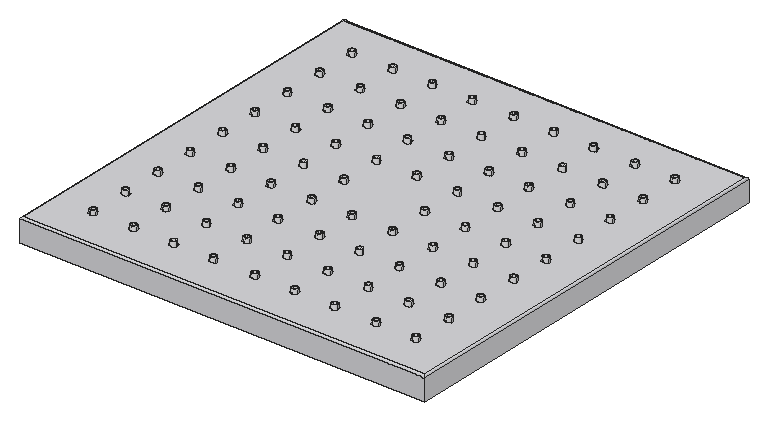
Revit family "Shower-Showerhead-KOHLER-Katalyst_Air-K-18360A", category Plumbing Fixtures, host Face, Revit 2017
Family settings
  Host = Face
  Round Connector Dimension = Use Diameter
  Part Type = Normal
  OmniClass Number = 23.31.17.00
  Cut with Voids When Loaded = No
  Shared = No
  Room Calculation Point = No
Parameters (values of type "CP-Polished Chrome")
  Width = 8"  # constant formula
  WaterSense Certified = 1 = 0  # no
  Waste Water Outlet = "Waste Water Outlet"  # constant formula
  Waste Connection = 1 = 0  # no
  Vent Connection = 1 = 0  # no
  URL = "https://www.kohlerasiapacific.com/"
  Type = 1
  Product Page URL = ""
  Product Name = "Katalyst"  # constant formula
  Product Documentation Link = ""
  Pressure = 45.00 psi  # constant formula
  Panel Thickness = 0"
  Model = if(Type = 1, "K-18360A-CP", if(Type = 2, "K-18360A-2BL", "NA"))  # "K-18360A-CP"
  Material = "Premium Metal Construction"  # constant formula
  Master Format 2014 Name = "Residential Showers"  # constant formula
  Master Format 2014 = "22 42 23"  # constant formula
  Manufacturer Address = "No. 158 Jiang Chang San Road, Zhabei District, Shanghai, China"  # constant formula
  Manufacturer = "KOHLER Co."  # constant formula
  Length = 8"  # constant formula
  Hot Water Inlet = "Tempered Water Inlet"  # constant formula
  Height = 2.59843"  # constant formula
  HW Connection = 1 = 1  # yes
  Flow Rate = 2.5 GPM  # constant formula
  Finish = Kohler-Metal-CP-Polished_Chrome
  Environmental Product Declaration = ""
  Drain Included = 1 = 0  # no
  Description = "8'SQUARE RAINSHOWER HEAD"  # constant formula
  Default Elevation = 0"
  Declare Label = ""
  Date Modified = "09/08/2020"  # constant formula
  Date Created = "09/08/2020"  # constant formula
  Copyright = "Copyright KOHLER Co."  # constant formula
  Contact Us = "https://www.kohlerasiapacific.com/contact-us"
  Cold Water Inlet = "Cold Water Inlet"  # constant formula
  CW Connection = 1 = 0  # no
  Assembly Code = "D2010700"
  ADA Compliant = 1 = 0  # no
Reference planes (in)
  plane 1 "Center (Front/Back)": y = 0
  plane 2: z = 0
  plane 3 "Center (Left/Right)": x = 0
  plane 4: x = -3.99606
  plane 5: x = 4.00394
  plane 6: z = 2.59843
  plane 7: y = 3.99606
  plane 8: y = -4.00394
Dimensions and locks (in)
  "Height": plane 6 to level
  plane 4 to plane 5 = 8"
  plane 7 to plane 8 = 8"
  "Length": plane 7 to plane 8
  "Width": plane 4 to plane 5
  aligned and locked: plane 2 to host face
  aligned and locked: level to host face
  aligned and locked: plane 3 "Center (Left/Right)" to nested 1
  aligned and locked: plane 1 "Center (Front/Back)" to nested 1
  aligned and locked: plane 4 to nested 1
  aligned and locked: plane 6 to nested 1
  aligned and locked: plane 7 to nested 1
Automatic sketch dimensions
  host sketch curve to host sketch curve = 96"  (x2)
Nested families (in)
  nested 1: "K-18360A" at (0, 0, 0), type "K-18360A"
Connectors (in)
  piping at (0, 0, 0), diameter 0.5, driven by "Flow Rate", driven by "Pressure", driven by "HW Connection", driven by "Hot Water Inlet"
    settings: on nested 1, index 1, connector inside diameter 24", connector length 0", flow factor 0, pipe flow 2.5 GPM, pressure drop 45.00 psi, fitting loss kfactor 0, connector angle 0.00°, fixture units 0, engagement length 0", angle of deflection 0.00°, flow configuration 1, flow direction 1, fitting loss method 4, system type 19, joint type 0, gender type 0, connector reference index -1, connector utility 1, adjustable connector no, is connector primary yes, connector description "Tempered Water Inlet"
Definition of nested family "K-18360A"
  Parameters (values of type "K-18360A")
    Material = none
  Reference planes (in)
    plane 1 "Center (Front/Back)": y = 0
    plane 2: z = 0
    plane 3 "Center (Left/Right)": x = 0
    plane 4: x = -3.99606
    plane 5: y = 3.99606
    plane 6: y = -3.99606
    plane 7: x = 3.99606
    plane 8: z = 2.59843
    plane 9: z = 2.06322
    plane 10: z = 0.53826
  Forms (in)
    Revolve 1, solid, material <- "Material", detail levels medium+fine
      sketch origin (0, 0, 0) x (1, 0, 0) y (0, 0, 1)
        loop
          line (-0.49522, 0.53826) -> (-0.49522, 0.02066)
          arc (-0.49522, 0.02066) -> (-0.48917, 0.00605) -> (-0.47456, 0) r 0.02066
          line (-0.47456, 0) -> (0, 0) -> (0, 2.24242) -> (-0.7185, 2.24242) -> (-0.7185, 0.99235) -> (-0.44472, 0.99235)
          arc (-0.44472, 0.99235) -> (-0.39522, 0.92627) -> (-0.33446, 0.87037) r 0.44933
          arc (-0.33446, 0.87037) -> (-0.30814, 0.8067) -> (-0.35048, 0.75236) r 0.06849
          arc (-0.35048, 0.75236) -> (-0.45564, 0.66748) -> (-0.49522, 0.53826) r 0.23071
        axis (0, 0) -> (0, 2.24242)
      angle from 0 to 360
    Extrusion 2, void
      sketch origin (0, 0, 0) x (0, 1, 0) y (0, 0, 1)
        loop
          line (0.45416, 0.86877) -> (0.45416, 0.18302)
          arc (0.45416, 0.18302) -> (0.45722, 0.16764) -> (0.46593, 0.15461) r 0.04018
          line (0.46593, 0.15461) -> (0.52128, 0.09926) -> (0.886, 0.09926) -> (0.886, 1.46487) -> (0.68768, 1.46487) -> (0.68768, 0.86877) -> (0.45416, 0.86877)
        loop
          line (-0.45416, 0.86877) -> (-0.68768, 0.86877) -> (-0.68768, 1.46487) -> (-0.886, 1.46487) -> (-0.886, 0.09926) -> (-0.52128, 0.09926) -> (-0.46593, 0.15461)
          arc (-0.46593, 0.15461) -> (-0.45722, 0.16764) -> (-0.45416, 0.18302) r 0.04018
          line (-0.45416, 0.18302) -> (-0.45416, 0.86877)
      from -1.65335 to 1.85359
    Sweep 3, solid, material <- "Material", detail levels medium+fine
      path origin (0, 0, 0) x (1, 0, 0) y (0, 1, 0)
        loop
          line (-1.9685, 1.9685) -> (-1.9685, -1.9685) -> (1.9685, -1.9685) -> (1.9685, 1.9685) -> (-1.9685, 1.9685)
      profile origin (1.9685, 0, 0) x (1, 0, 0) y (0, 0, 1)
        loop
          line (0, 2.11377) -> (1.86128, 2.11377) -> (1.94883, 2.06322) -> (2.02756, 2.06322) -> (2.02756, 2.48183)
          arc (2.02756, 2.48183) -> (2.01695, 2.50745) -> (1.99134, 2.51806) r 0.03622
          line (1.99134, 2.51806) -> (0, 2.51806) -> (0, 2.11377)
    Extrusion 4, solid, material <- "Material", detail levels medium+fine
      sketch origin (-0.00126, 0, 0) x (1, 0, 0) y (0, 1, 0)
        loop
          line (2.4615, -2.63262) -> (2.4615, 2.48549) -> (-2.45976, 2.48549) -> (-2.45976, -2.63262) -> (2.4615, -2.63262)
      from 2.11377 to 2.51806
    Extrusion 5, void
      sketch origin (0, 0, 0) x (1, 0, 0) y (0, 1, 0)
        loop
          circle (-3.19684, 3.19747) r 0.07559
        loop
          circle (-2.39615, 3.19747) r 0.07559
        loop
          circle (-1.60875, 3.19747) r 0.07559
        loop
          circle (-0.82134, 3.19747) r 0.07559
        loop
          circle (0, 3.19747) r 0.07559
        loop
          circle (0.7874, 3.19747) r 0.07559
        loop
          circle (1.5748, 3.19747) r 0.07559
        loop
          circle (2.39591, 3.19747) r 0.07559
        loop
          circle (3.18332, 3.19747) r 0.07559
        loop
          circle (-3.19684, 0) r 0.07559
        loop
          circle (-2.39615, 0) r 0.07559
        loop
          circle (-1.59869, 0) r 0.07559
        loop
          circle (-0.79958, 0) r 0.07559
        loop
          circle (0.79735, 0) r 0.07559
        loop
          circle (1.5979, 0) r 0.07559
        loop
          circle (2.39647, 0) r 0.07559
        loop
          circle (3.19713, 0) r 0.07559
        loop
          circle (-3.19684, 1.59932) r 0.07559
        loop
          circle (-2.39615, 1.59932) r 0.07559
        loop
          circle (-1.60875, 1.59932) r 0.07559
        loop
          circle (-0.82134, 1.59932) r 0.07559
        loop
          circle (0, 1.59932) r 0.07559
        loop
          circle (0.7874, 1.59932) r 0.07559
        loop
          circle (1.5748, 1.59932) r 0.07559
        loop
          circle (2.39591, 1.59932) r 0.07559
        loop
          circle (3.18332, 1.59932) r 0.07559
        loop
          circle (-3.19684, 2.39839) r 0.07559
        loop
          circle (-2.39615, 2.39839) r 0.07559
        loop
          circle (-1.5967, 2.39839) r 0.07559
        loop
          circle (-0.79644, 2.39839) r 0.07559
        loop
          circle (0, 2.39839) r 0.07559
        loop
          circle (0.80215, 2.39839) r 0.07559
        loop
          circle (1.60022, 2.39839) r 0.07559
        loop
          circle (2.39671, 2.39839) r 0.07559
        loop
          circle (3.19446, 2.39839) r 0.07559
        loop
          circle (-3.19684, 0.80024) r 0.07559
        loop
          circle (-2.39615, 0.80024) r 0.07559
        loop
          circle (-1.5967, 0.80024) r 0.07559
        loop
          circle (-0.79644, 0.80024) r 0.07559
        loop
          circle (0, 0.80024) r 0.07559
        loop
          circle (0.80215, 0.80024) r 0.07559
        loop
          circle (1.60022, 0.80024) r 0.07559
        loop
          circle (2.39671, 0.80024) r 0.07559
        loop
          circle (3.19446, 0.80024) r 0.07559
        loop
          circle (-3.19684, -3.19747) r 0.07559
        loop
          circle (-2.39615, -3.19747) r 0.07559
        loop
          circle (-1.60875, -3.19747) r 0.07559
        loop
          circle (-0.82134, -3.19747) r 0.07559
        loop
          circle (0, -3.19747) r 0.07559
        loop
          circle (0.7874, -3.19747) r 0.07559
        loop
          circle (1.5748, -3.19747) r 0.07559
        loop
          circle (2.39591, -3.19747) r 0.07559
        loop
          circle (3.18332, -3.19747) r 0.07559
        loop
          circle (-3.19684, -1.59932) r 0.07559
        loop
          circle (-2.39615, -1.59932) r 0.07559
        loop
          circle (-1.60875, -1.59932) r 0.07559
        loop
          circle (-0.82134, -1.59932) r 0.07559
        loop
          circle (0, -1.59932) r 0.07559
        loop
          circle (0.7874, -1.59932) r 0.07559
        loop
          circle (1.5748, -1.59932) r 0.07559
        loop
          circle (2.39591, -1.59932) r 0.07559
        loop
          circle (3.18332, -1.59932) r 0.07559
        loop
          circle (-3.19684, -2.39839) r 0.07559
        loop
          circle (-2.39615, -2.39839) r 0.07559
        loop
          circle (-1.5967, -2.39839) r 0.07559
        loop
          circle (-0.79644, -2.39839) r 0.07559
        loop
          circle (0, -2.39839) r 0.07559
        loop
          circle (0.80215, -2.39839) r 0.07559
        loop
          circle (1.60022, -2.39839) r 0.07559
        loop
          circle (2.39671, -2.39839) r 0.07559
        loop
          circle (3.19446, -2.39839) r 0.07559
        loop
          circle (-3.19684, -0.80024) r 0.07559
        loop
          circle (-2.39615, -0.80024) r 0.07559
        loop
          circle (-1.5967, -0.80024) r 0.07559
        loop
          circle (-0.79644, -0.80024) r 0.07559
        loop
          circle (0, -0.80024) r 0.07559
        loop
          circle (0.80215, -0.80024) r 0.07559
        loop
          circle (1.60022, -0.80024) r 0.07559
        loop
          circle (2.39671, -0.80024) r 0.07559
        loop
          circle (3.19446, -0.80024) r 0.07559
      from 2.26995 to 3.40092
    Extrusion 6, solid, detail levels medium+fine
      sketch origin (0, 0, 0) x (1, 0, 0) y (0, 1, 0)
        loop
          circle (-3.19684, 3.19747) r 0.04331
        loop
          circle (-3.19684, 3.19747) r 0.05906
        loop
          circle (-3.19684, 2.39839) r 0.04331
        loop
          circle (-3.19684, 2.39839) r 0.05906
        loop
          circle (-3.19684, 1.59932) r 0.04331
        loop
          circle (-3.19684, 1.59932) r 0.05906
        loop
          circle (-3.19684, 0.80024) r 0.04331
        loop
          circle (-3.19684, 0.80024) r 0.05906
        loop
          circle (-2.39615, 0.80024) r 0.04331
        loop
          circle (-2.39615, 0.80024) r 0.05906
        loop
          circle (-2.39615, 1.59932) r 0.04331
        loop
          circle (-2.39615, 1.59932) r 0.05906
        loop
          circle (-2.39615, 2.39839) r 0.04331
        loop
          circle (-2.39615, 2.39839) r 0.05906
        loop
          circle (-2.39615, 3.19747) r 0.04331
        loop
          circle (-2.39615, 3.19747) r 0.05906
        loop
          circle (-3.19684, 0) r 0.04331
        loop
          circle (-3.19684, 0) r 0.05906
        loop
          circle (-2.39615, 0) r 0.04331
        loop
          circle (-2.39615, 0) r 0.05906
        loop
          circle (-1.59869, 0) r 0.04331
        loop
          circle (-1.59869, 0) r 0.05906
        loop
          circle (-0.79958, 0) r 0.04331
        loop
          circle (-0.79958, 0) r 0.05906
        loop
          circle (0.79735, 0) r 0.04331
        loop
          circle (0.79735, 0) r 0.05906
        loop
          circle (1.5979, 0) r 0.04331
        loop
          circle (1.5979, 0) r 0.05906
        loop
          circle (2.39647, 0) r 0.04331
        loop
          circle (2.39647, 0) r 0.05906
        loop
          circle (3.19713, 0) r 0.04331
        loop
          circle (3.19713, 0) r 0.05906
        loop
          circle (-1.59869, 0.80024) r 0.04331
        loop
          circle (-1.59869, 0.80024) r 0.05906
        loop
          circle (-1.60875, 3.19747) r 0.04331
        loop
          circle (-1.60875, 3.19747) r 0.05906
        loop
          circle (-0.82134, 3.19747) r 0.04331
        loop
          circle (-0.82134, 3.19747) r 0.05906
        loop
          circle (0, 3.19747) r 0.04331
        loop
          circle (0, 3.19747) r 0.05906
        loop
          circle (0.7874, 3.19747) r 0.04331
        loop
          circle (0.7874, 3.19747) r 0.05906
        loop
          circle (1.5748, 3.19747) r 0.04331
        loop
          circle (1.5748, 3.19747) r 0.05906
        loop
          circle (2.39591, 3.19747) r 0.04331
        loop
          circle (2.39591, 3.19747) r 0.05906
        loop
          circle (3.18332, 3.19747) r 0.04331
        loop
          circle (3.18332, 3.19747) r 0.05906
        loop
          circle (3.19446, 2.39839) r 0.04331
        loop
          circle (3.19446, 2.39839) r 0.05906
        loop
          circle (-1.5967, 2.39839) r 0.04331
        loop
          circle (-1.5967, 2.39839) r 0.05906
        loop
          circle (-0.79644, 2.39839) r 0.04331
        loop
          circle (-0.79644, 2.39839) r 0.05906
        loop
          circle (0, 2.39839) r 0.04331
        loop
          circle (0, 2.39839) r 0.05906
        loop
          circle (0.80215, 2.39839) r 0.04331
        loop
          circle (0.80215, 2.39839) r 0.05906
        loop
          circle (1.60022, 2.39839) r 0.04331
        loop
          circle (1.60022, 2.39839) r 0.05906
        loop
          circle (2.39671, 2.39839) r 0.04331
        loop
          circle (2.39671, 2.39839) r 0.05906
        loop
          circle (-1.60875, 1.59932) r 0.04331
        loop
          circle (-1.60875, 1.59932) r 0.05906
        loop
          circle (-0.82134, 1.59932) r 0.04331
        loop
          circle (-0.82134, 1.59932) r 0.05906
        loop
          circle (0, 1.59932) r 0.04331
        loop
          circle (0, 1.59932) r 0.05906
        loop
          circle (0.7874, 1.59932) r 0.04331
        loop
          circle (0.7874, 1.59932) r 0.05906
        loop
          circle (1.5748, 1.59932) r 0.04331
        loop
          circle (1.5748, 1.59932) r 0.05906
        loop
          circle (2.39591, 1.59932) r 0.04331
        loop
          circle (2.39591, 1.59932) r 0.05906
        loop
          circle (3.18332, 1.59932) r 0.04331
        loop
          circle (3.18332, 1.59932) r 0.05906
        loop
          circle (-0.79644, 0.80024) r 0.04331
        loop
          circle (-0.79644, 0.80024) r 0.05906
        loop
          circle (0, 0.80024) r 0.04331
        loop
          circle (0, 0.80024) r 0.05906
        loop
          circle (0.80215, 0.80024) r 0.04331
        loop
          circle (0.80215, 0.80024) r 0.05906
        loop
          circle (1.60022, 0.80024) r 0.04331
        loop
          circle (1.60022, 0.80024) r 0.05906
        loop
          circle (2.39671, 0.80024) r 0.04331
        loop
          circle (2.39671, 0.80024) r 0.05906
        loop
          circle (3.19446, 0.80024) r 0.04331
        loop
          circle (3.19446, 0.80024) r 0.05906
        loop
          circle (-3.19684, -3.19747) r 0.04331
        loop
          circle (-3.19684, -3.19747) r 0.05906
        loop
          circle (-3.19684, -2.39839) r 0.04331
        loop
          circle (-3.19684, -2.39839) r 0.05906
        loop
          circle (-3.19684, -1.59932) r 0.04331
        loop
          circle (-3.19684, -1.59932) r 0.05906
        loop
          circle (-3.19684, -0.80024) r 0.04331
        loop
          circle (-3.19684, -0.80024) r 0.05906
        loop
          circle (-2.39615, -0.80024) r 0.04331
        loop
          circle (-2.39615, -0.80024) r 0.05906
        loop
          circle (-2.39615, -1.59932) r 0.04331
        loop
          circle (-2.39615, -1.59932) r 0.05906
        loop
          circle (-2.39615, -2.39839) r 0.04331
        loop
          circle (-2.39615, -2.39839) r 0.05906
        loop
          circle (-2.39615, -3.19747) r 0.04331
        loop
          circle (-2.39615, -3.19747) r 0.05906
        loop
          circle (-1.59869, -0.80024) r 0.04331
        loop
          circle (-1.59869, -0.80024) r 0.05906
        loop
          circle (-1.60875, -3.19747) r 0.04331
        loop
          circle (-1.60875, -3.19747) r 0.05906
        loop
          circle (-0.82134, -3.19747) r 0.04331
        loop
          circle (-0.82134, -3.19747) r 0.05906
        loop
          circle (0, -3.19747) r 0.04331
        loop
          circle (0, -3.19747) r 0.05906
        loop
          circle (0.7874, -3.19747) r 0.04331
        loop
          circle (0.7874, -3.19747) r 0.05906
        loop
          circle (1.5748, -3.19747) r 0.04331
        loop
          circle (1.5748, -3.19747) r 0.05906
        loop
          circle (2.39591, -3.19747) r 0.04331
        loop
          circle (2.39591, -3.19747) r 0.05906
        loop
          circle (3.18332, -3.19747) r 0.04331
        loop
          circle (3.18332, -3.19747) r 0.05906
        loop
          circle (3.19446, -2.39839) r 0.04331
        loop
          circle (3.19446, -2.39839) r 0.05906
        loop
          circle (-1.5967, -2.39839) r 0.04331
        loop
          circle (-1.5967, -2.39839) r 0.05906
        loop
          circle (-0.79644, -2.39839) r 0.04331
        loop
          circle (-0.79644, -2.39839) r 0.05906
        loop
          circle (0, -2.39839) r 0.04331
        loop
          circle (0, -2.39839) r 0.05906
        loop
          circle (0.80215, -2.39839) r 0.04331
        loop
          circle (0.80215, -2.39839) r 0.05906
        loop
          circle (1.60022, -2.39839) r 0.04331
        loop
          circle (1.60022, -2.39839) r 0.05906
        loop
          circle (2.39671, -2.39839) r 0.04331
        loop
          circle (2.39671, -2.39839) r 0.05906
        loop
          circle (-1.60875, -1.59932) r 0.04331
        loop
          circle (-1.60875, -1.59932) r 0.05906
        loop
          circle (-0.82134, -1.59932) r 0.04331
        loop
          circle (-0.82134, -1.59932) r 0.05906
        loop
          circle (0, -1.59932) r 0.04331
        loop
          circle (0, -1.59932) r 0.05906
        loop
          circle (0.7874, -1.59932) r 0.04331
        loop
          circle (0.7874, -1.59932) r 0.05906
        loop
          circle (1.5748, -1.59932) r 0.04331
        loop
          circle (1.5748, -1.59932) r 0.05906
        loop
          circle (2.39591, -1.59932) r 0.04331
        loop
          circle (2.39591, -1.59932) r 0.05906
        loop
          circle (3.18332, -1.59932) r 0.04331
        loop
          circle (3.18332, -1.59932) r 0.05906
        loop
          circle (-0.79644, -0.80024) r 0.04331
        loop
          circle (-0.79644, -0.80024) r 0.05906
        loop
          circle (0, -0.80024) r 0.04331
        loop
          circle (0, -0.80024) r 0.05906
        loop
          circle (0.80215, -0.80024) r 0.04331
        loop
          circle (0.80215, -0.80024) r 0.05906
        loop
          circle (1.60022, -0.80024) r 0.04331
        loop
          circle (1.60022, -0.80024) r 0.05906
        loop
          circle (2.39671, -0.80024) r 0.04331
        loop
          circle (2.39671, -0.80024) r 0.05906
        loop
          circle (3.19446, -0.80024) r 0.04331
        loop
          circle (3.19446, -0.80024) r 0.05906
      from 2.2065 to 2.59843
    Extrusion 7, solid, material <- "Material", detail levels medium+fine
      sketch origin (0, 0, 0) x (1, 0, 0) y (0, 1, 0)
        loop
          circle (0, 0) r 0.3937
      from 0 to 0.03909
    Revolve 8, solid, material <- "Material", detail levels coarse
      sketch origin (0, 0, 0) x (1, 0, 0) y (0, 0, 1)
        loop
          line (0, 0) -> (0, 2.32121) -> (-0.7185, 2.32121) -> (-0.7185, 0) -> (0, 0)
        axis (0, 2.32121) -> (0, 0)
      angle from 0 to 360
    Extrusion 9, solid, material <- "Material", detail levels coarse
      sketch origin (0, 0, 0) x (1, 0, 0) y (0, 0, 1)
        loop
          line (-3.99606, 2.59843) -> (-3.99606, 1.82617) -> (3.99606, 1.82617) -> (3.99606, 2.59843) -> (-3.99606, 2.59843)
      from -3.99606 to 3.99606
  Cuts and joins
    Extrusion 2 cuts Revolve 1
    Extrusion 5 cuts Sweep 3
    Extrusion 5 cuts Extrusion 4
    joined: Revolve 1, Sweep 3, Extrusion 4
    joined: Revolve 8, Extrusion 9
  Lines and regions (in)
    Masking region 1
      outline origin (0, 0, 0) x (1, 0, 0) y (0, 0, 1)
        loop
          line (-0.49522, 0.53826) -> (-0.49522, 0.02066)
          arc (-0.49522, 0.02066) -> (-0.48917, 0.00605) -> (-0.47456, 0) r 0.02066
          line (-0.47456, 0) -> (0.47456, 0)
          arc (0.47456, 0) -> (0.48917, 0.00605) -> (0.49522, 0.02066) r 0.02066
          line (0.49522, 0.02066) -> (0.49522, 0.53826)
          arc (0.49522, 0.53826) -> (0.45564, 0.66748) -> (0.35048, 0.75236) r 0.23071
          arc (0.35048, 0.75236) -> (0.30814, 0.8067) -> (0.33446, 0.87037) r 0.06849
          arc (0.33446, 0.87037) -> (0.39522, 0.92627) -> (0.44472, 0.99235) r 0.44933
          line (0.44472, 0.99235) -> (0.7185, 0.99235) -> (0.7185, 2.06322) -> (3.99606, 2.06322) -> (3.99606, 2.48239)
          arc (3.99606, 2.48239) -> (3.98562, 2.50761) -> (3.9604, 2.51806) r 0.03567
          line (3.9604, 2.51806) -> (3.25618, 2.51806) -> (3.25618, 2.59843) -> (3.12426, 2.59843) -> (3.12426, 2.51806) -> (2.45576, 2.51806) -> (2.45576, 2.59843) -> (2.33686, 2.59843) -> (2.33686, 2.51806) -> (1.65928, 2.51806) -> (1.65928, 2.59843) -> (1.51575, 2.59843) -> (1.51575, 2.51806) -> (0.86121, 2.51806) -> (0.86121, 2.59843) -> (0.72835, 2.59843) -> (0.72835, 2.51806) -> (0.05906, 2.51806) -> (0.05906, 2.59843) -> (-0.05906, 2.59843) -> (-0.05906, 2.51806) -> (-0.73738, 2.51806) -> (-0.73738, 2.59843) -> (-0.8804, 2.59843) -> (-0.8804, 2.51806) -> (-1.53764, 2.51806) -> (-1.53764, 2.59843) -> (-1.6678, 2.59843) -> (-1.6678, 2.51806) -> (-2.33709, 2.51806) -> (-2.33709, 2.59843) -> (-2.4552, 2.59843) -> (-2.4552, 2.51806) -> (-3.13779, 2.51806) -> (-3.13779, 2.59843) -> (-3.2559, 2.59843) -> (-3.2559, 2.51806) -> (-3.9604, 2.51806)
          arc (-3.9604, 2.51806) -> (-3.98562, 2.50761) -> (-3.99606, 2.48239) r 0.03567
          line (-3.99606, 2.48239) -> (-3.99606, 2.06322) -> (-0.7185, 2.06322) -> (-0.7185, 0.99235) -> (-0.44472, 0.99235)
          arc (-0.44472, 0.99235) -> (-0.39522, 0.92627) -> (-0.33446, 0.87037) r 0.44933
          arc (-0.33446, 0.87037) -> (-0.30814, 0.8067) -> (-0.35048, 0.75236) r 0.06849
          arc (-0.35048, 0.75236) -> (-0.45564, 0.66748) -> (-0.49522, 0.53826) r 0.23071
    Masking region 2
      outline origin (0, 0, 0) x (0, 1, 0) y (0, 0, 1)
        loop
          line (0.49522, 0.12531) -> (0.46496, 0.15557)
          spline (0.46496, 0.15557) -> (0.46383, 0.15644) -> (0.46272, 0.1576) -> (0.46163, 0.15904) -> (0.46057, 0.16077) -> (0.45956, 0.16275) -> (0.45858, 0.16498) -> (0.45767, 0.16743) -> (0.45682, 0.17009) -> (0.45603, 0.17294) -> (0.45532, 0.17595) -> (0.4547, 0.1791) -> (0.45416, 0.18237)
          line (0.45416, 0.18237) -> (0.45416, 0.66965)
          arc (0.45416, 0.66965) -> (0.40839, 0.71861) -> (0.35048, 0.75236) r 0.23071
          arc (0.35048, 0.75236) -> (0.30814, 0.8067) -> (0.33446, 0.87037) r 0.06849
          arc (0.33446, 0.87037) -> (0.39522, 0.92627) -> (0.44472, 0.99235) r 0.44933
          line (0.44472, 0.99235) -> (0.68768, 0.99235) -> (0.68768, 1.46487) -> (0.7185, 1.46487) -> (0.7185, 2.06322) -> (3.99606, 2.06322) -> (3.99606, 2.48239)
          arc (3.99606, 2.48239) -> (3.98562, 2.50761) -> (3.9604, 2.51806) r 0.03567
          line (3.9604, 2.51806) -> (3.25678, 2.51806) -> (3.25678, 2.59843) -> (3.13823, 2.59843) -> (3.13823, 2.51806) -> (2.45763, 2.51806) -> (2.45763, 2.59843) -> (2.33912, 2.59843) -> (2.33912, 2.51806) -> (1.65864, 2.51806) -> (1.65864, 2.59843) -> (1.54008, 2.59843) -> (1.54008, 2.51806) -> (0.85961, 2.51806) -> (0.85961, 2.59843) -> (0.74058, 2.59843) -> (0.74058, 2.51806) -> (0.05906, 2.51806) -> (0.05906, 2.59843) -> (-0.05906, 2.59843) -> (-0.05906, 2.51806) -> (-0.74109, 2.51806) -> (-0.74109, 2.59843) -> (-0.85943, 2.59843) -> (-0.85943, 2.51806) -> (-1.54001, 2.51806) -> (-1.54001, 2.59843) -> (-1.65861, 2.59843) -> (-1.65861, 2.51806) -> (-2.33916, 2.51806) -> (-2.33916, 2.59843) -> (-2.45767, 2.59843) -> (-2.45767, 2.51806) -> (-3.13808, 2.51806) -> (-3.13808, 2.59843) -> (-3.25677, 2.59843) -> (-3.25677, 2.51806) -> (-3.9604, 2.51806)
          arc (-3.9604, 2.51806) -> (-3.98562, 2.50761) -> (-3.99606, 2.48239) r 0.03567
          line (-3.99606, 2.48239) -> (-3.99606, 2.06322) -> (-0.7185, 2.06322) -> (-0.7185, 1.46487) -> (-0.68768, 1.46487) -> (-0.68768, 0.99235) -> (-0.44472, 0.99235)
          arc (-0.44472, 0.99235) -> (-0.39522, 0.92627) -> (-0.33446, 0.87037) r 0.44933
          arc (-0.33446, 0.87037) -> (-0.30814, 0.8067) -> (-0.35048, 0.75236) r 0.06849
          arc (-0.35048, 0.75236) -> (-0.40839, 0.71861) -> (-0.45416, 0.66965) r 0.23071
          line (-0.45416, 0.66965) -> (-0.45416, 0.18302)
          arc (-0.45416, 0.18302) -> (-0.45722, 0.16764) -> (-0.46593, 0.15461) r 0.04018
          line (-0.46593, 0.15461) -> (-0.49522, 0.12531) -> (-0.49522, 0.02066)
          arc (-0.49522, 0.02066) -> (-0.48917, 0.00605) -> (-0.47456, 0) r 0.02066
          line (-0.47456, 0) -> (0.47456, 0)
          arc (0.47456, 0) -> (0.48917, 0.00605) -> (0.49522, 0.02066) r 0.02066
          line (0.49522, 0.02066) -> (0.49522, 0.12531)
    Masking region 3
      outline origin (0, 0, 0) x (1, 0, 0) y (0, 1, 0)
        loop
          line (-3.99606, 3.99606) -> (-3.99606, -3.99606) -> (3.99606, -3.99606) -> (3.99606, 3.99606) -> (-3.99606, 3.99606)
    symbolic lines, detail levels medium+fine
      curve 1: arc (-3.12125, 3.19747, 0) -> (-3.19684, 3.27306, 0) -> (-3.27243, 3.19747, 0) r 0.07559
      curve 2: arc (-3.13779, 3.19747, 0) -> (-3.19684, 3.25652, 0) -> (-3.2559, 3.19747, 0) r 0.05906
      curve 3: arc (-3.24015, 3.19747, 0) -> (-3.19684, 3.24078, 0) -> (-3.15353, 3.19747, 0) r 0.04331
      curve 4: arc (-3.27243, 3.19747, 0) -> (-3.19684, 3.12188, 0) -> (-3.12125, 3.19747, 0) r 0.07559
      curve 5: arc (-3.2559, 3.19747, 0) -> (-3.19684, 3.13841, 0) -> (-3.13779, 3.19747, 0) r 0.05906
      curve 6: arc (-3.15353, 3.19747, 0) -> (-3.19684, 3.15416, 0) -> (-3.24015, 3.19747, 0) r 0.04331
      curve 7: arc (-3.12125, 2.39839, 0) -> (-3.19684, 2.47398, 0) -> (-3.27243, 2.39839, 0) r 0.07559
      curve 8: arc (-3.13779, 2.39839, 0) -> (-3.19684, 2.45745, 0) -> (-3.2559, 2.39839, 0) r 0.05906
      curve 9: arc (-3.24015, 2.39839, 0) -> (-3.19684, 2.4417, 0) -> (-3.15353, 2.39839, 0) r 0.04331
      curve 10: arc (-3.15353, 2.39839, 0) -> (-3.19684, 2.35509, 0) -> (-3.24015, 2.39839, 0) r 0.04331
      curve 11: arc (-3.2559, 2.39839, 0) -> (-3.19684, 2.33934, 0) -> (-3.13779, 2.39839, 0) r 0.05906
      curve 12: arc (-3.27243, 2.39839, 0) -> (-3.19684, 2.3228, 0) -> (-3.12125, 2.39839, 0) r 0.07559
      curve 13: arc (-3.12125, 1.59932, 0) -> (-3.19684, 1.67491, 0) -> (-3.27243, 1.59932, 0) r 0.07559
      curve 14: arc (-3.13779, 1.59932, 0) -> (-3.19684, 1.65837, 0) -> (-3.2559, 1.59932, 0) r 0.05906
      curve 15: arc (-3.24015, 1.59932, 0) -> (-3.19684, 1.64262, 0) -> (-3.15353, 1.59932, 0) r 0.04331
      curve 16: arc (-3.15353, 1.59932, 0) -> (-3.19684, 1.55601, 0) -> (-3.24015, 1.59932, 0) r 0.04331
      curve 17: arc (-3.2559, 1.59932, 0) -> (-3.19684, 1.54026, 0) -> (-3.13779, 1.59932, 0) r 0.05906
      curve 18: arc (-3.27243, 1.59932, 0) -> (-3.19684, 1.52373, 0) -> (-3.12125, 1.59932, 0) r 0.07559
      curve 19: arc (-3.12125, 0, 0) -> (-3.19684, 0.07559, 0) -> (-3.27243, 0, 0) r 0.07559
      curve 20: arc (-3.13779, 0, 0) -> (-3.19684, 0.05906, 0) -> (-3.2559, 0, 0) r 0.05906
      curve 21: arc (-3.24015, 0, 0) -> (-3.19684, 0.04331, 0) -> (-3.15353, 0, 0) r 0.04331
      curve 22: arc (-3.15353, 0, 0) -> (-3.19684, -0.04331, 0) -> (-3.24015, 0, 0) r 0.04331
      curve 23: arc (-3.2559, 0, 0) -> (-3.19684, -0.05906, 0) -> (-3.13779, 0, 0) r 0.05906
      curve 24: arc (-3.27243, 0, 0) -> (-3.19684, -0.07559, 0) -> (-3.12125, 0, 0) r 0.07559
      curve 25: arc (-2.43945, 0, 0) -> (-2.39615, 0.04331, 0) -> (-2.35284, 0, 0) r 0.04331
      curve 26: arc (-2.33709, 0, 0) -> (-2.39615, 0.05906, 0) -> (-2.4552, 0, 0) r 0.05906
      curve 27: arc (-2.32056, 0, 0) -> (-2.39615, 0.07559, 0) -> (-2.47174, 0, 0) r 0.07559
      curve 28: arc (-2.35284, 0, 0) -> (-2.39615, -0.04331, 0) -> (-2.43945, 0, 0) r 0.04331
      curve 29: arc (-2.4552, 0, 0) -> (-2.39615, -0.05906, 0) -> (-2.33709, 0, 0) r 0.05906
      curve 30: arc (-2.47174, 0, 0) -> (-2.39615, -0.07559, 0) -> (-2.32056, 0, 0) r 0.07559
      curve 31: arc (-2.43945, 0.80024, 0) -> (-2.39615, 0.84355, 0) -> (-2.35284, 0.80024, 0) r 0.04331
      curve 32: arc (-2.33709, 0.80024, 0) -> (-2.39615, 0.8593, 0) -> (-2.4552, 0.80024, 0) r 0.05906
      curve 33: arc (-2.32056, 0.80024, 0) -> (-2.39615, 0.87583, 0) -> (-2.47174, 0.80024, 0) r 0.07559
      curve 34: arc (-2.35284, 0.80024, 0) -> (-2.39615, 0.75693, 0) -> (-2.43945, 0.80024, 0) r 0.04331
      curve 35: arc (-2.4552, 0.80024, 0) -> (-2.39615, 0.74118, 0) -> (-2.33709, 0.80024, 0) r 0.05906
      curve 36: arc (-2.47174, 0.80024, 0) -> (-2.39615, 0.72465, 0) -> (-2.32056, 0.80024, 0) r 0.07559
      curve 37: arc (-2.35284, 1.59932, 0) -> (-2.39615, 1.55601, 0) -> (-2.43945, 1.59932, 0) r 0.04331
      curve 38: arc (-2.4552, 1.59932, 0) -> (-2.39615, 1.54026, 0) -> (-2.33709, 1.59932, 0) r 0.05906
      curve 39: arc (-2.47174, 1.59932, 0) -> (-2.39615, 1.52373, 0) -> (-2.32056, 1.59932, 0) r 0.07559
      curve 40: arc (-2.43945, 1.59932, 0) -> (-2.39615, 1.64262, 0) -> (-2.35284, 1.59932, 0) r 0.04331
      curve 41: arc (-2.33709, 1.59932, 0) -> (-2.39615, 1.65837, 0) -> (-2.4552, 1.59932, 0) r 0.05906
      curve 42: arc (-2.32056, 1.59932, 0) -> (-2.39615, 1.67491, 0) -> (-2.47174, 1.59932, 0) r 0.07559
      curve 43: arc (-2.43945, 2.39839, 0) -> (-2.39615, 2.4417, 0) -> (-2.35284, 2.39839, 0) r 0.04331
      curve 44: arc (-2.33709, 2.39839, 0) -> (-2.39615, 2.45745, 0) -> (-2.4552, 2.39839, 0) r 0.05906
      curve 45: arc (-2.32056, 2.39839, 0) -> (-2.39615, 2.47398, 0) -> (-2.47174, 2.39839, 0) r 0.07559
      curve 46: arc (-2.35284, 2.39839, 0) -> (-2.39615, 2.35509, 0) -> (-2.43945, 2.39839, 0) r 0.04331
      curve 47: arc (-2.4552, 2.39839, 0) -> (-2.39615, 2.33934, 0) -> (-2.33709, 2.39839, 0) r 0.05906
      curve 48: arc (-2.47174, 2.39839, 0) -> (-2.39615, 2.3228, 0) -> (-2.32056, 2.39839, 0) r 0.07559
      curve 49: arc (-2.35284, 3.19747, 0) -> (-2.39615, 3.15416, 0) -> (-2.43945, 3.19747, 0) r 0.04331
      curve 50: arc (-2.4552, 3.19747, 0) -> (-2.39615, 3.13841, 0) -> (-2.33709, 3.19747, 0) r 0.05906
      curve 51: arc (-2.47174, 3.19747, 0) -> (-2.39615, 3.12188, 0) -> (-2.32056, 3.19747, 0) r 0.07559
      curve 52: arc (-2.43945, 3.19747, 0) -> (-2.39615, 3.24078, 0) -> (-2.35284, 3.19747, 0) r 0.04331
      curve 53: arc (-2.33709, 3.19747, 0) -> (-2.39615, 3.25652, 0) -> (-2.4552, 3.19747, 0) r 0.05906
      curve 54: arc (-2.32056, 3.19747, 0) -> (-2.39615, 3.27306, 0) -> (-2.47174, 3.19747, 0) r 0.07559
      curve 55: arc (-1.56544, 3.19747, 0) -> (-1.60875, 3.15416, 0) -> (-1.65205, 3.19747, 0) r 0.04331
      curve 56: arc (-1.65205, 3.19747, 0) -> (-1.60875, 3.24078, 0) -> (-1.56544, 3.19747, 0) r 0.04331
      curve 57: arc (-1.54969, 3.19747, 0) -> (-1.60875, 3.25652, 0) -> (-1.6678, 3.19747, 0) r 0.05906
      curve 58: arc (-1.53316, 3.19747, 0) -> (-1.60875, 3.27306, 0) -> (-1.68434, 3.19747, 0) r 0.07559
      curve 59: arc (-1.6678, 3.19747, 0) -> (-1.60875, 3.13841, 0) -> (-1.54969, 3.19747, 0) r 0.05906
      curve 60: arc (-1.68434, 3.19747, 0) -> (-1.60875, 3.12188, 0) -> (-1.53316, 3.19747, 0) r 0.07559
      curve 61: arc (-0.86465, 3.19747, 0) -> (-0.82134, 3.24078, 0) -> (-0.77804, 3.19747, 0) r 0.04331
      curve 62: arc (-0.76229, 3.19747, 0) -> (-0.82134, 3.25652, 0) -> (-0.8804, 3.19747, 0) r 0.05906
      curve 63: arc (-0.74575, 3.19747, 0) -> (-0.82134, 3.27306, 0) -> (-0.89693, 3.19747, 0) r 0.07559
      curve 64: arc (-0.89693, 3.19747, 0) -> (-0.82134, 3.12188, 0) -> (-0.74575, 3.19747, 0) r 0.07559
      curve 65: arc (-0.8804, 3.19747, 0) -> (-0.82134, 3.13841, 0) -> (-0.76229, 3.19747, 0) r 0.05906
      curve 66: arc (-0.77804, 3.19747, 0) -> (-0.82134, 3.15416, 0) -> (-0.86465, 3.19747, 0) r 0.04331
      curve 67: arc (-0.75313, 2.39839, 0) -> (-0.79644, 2.35509, 0) -> (-0.83975, 2.39839, 0) r 0.04331
      curve 68: arc (-0.83975, 2.39839, 0) -> (-0.79644, 2.4417, 0) -> (-0.75313, 2.39839, 0) r 0.04331
      curve 69: arc (-0.73738, 2.39839, 0) -> (-0.79644, 2.45745, 0) -> (-0.85549, 2.39839, 0) r 0.05906
      curve 70: arc (-0.72085, 2.39839, 0) -> (-0.79644, 2.47398, 0) -> (-0.87203, 2.39839, 0) r 0.07559
      curve 71: arc (-0.87203, 2.39839, 0) -> (-0.79644, 2.3228, 0) -> (-0.72085, 2.39839, 0) r 0.07559
      curve 72: arc (-0.75313, 2.39839, 0) -> (-0.79644, 2.35509, 0) -> (-0.83975, 2.39839, 0) r 0.04331
      curve 73: arc (-0.85549, 2.39839, 0) -> (-0.79644, 2.33934, 0) -> (-0.73738, 2.39839, 0) r 0.05906
      curve 74: arc (-1.64001, 2.39839, 0) -> (-1.5967, 2.4417, 0) -> (-1.55339, 2.39839, 0) r 0.04331
      curve 75: arc (-1.53764, 2.39839, 0) -> (-1.5967, 2.45745, 0) -> (-1.65575, 2.39839, 0) r 0.05906
      curve 76: arc (-1.52111, 2.39839, 0) -> (-1.5967, 2.47398, 0) -> (-1.67229, 2.39839, 0) r 0.07559
      curve 77: arc (-1.55339, 2.39839, 0) -> (-1.5967, 2.35509, 0) -> (-1.64001, 2.39839, 0) r 0.04331
      curve 78: arc (-1.65575, 2.39839, 0) -> (-1.5967, 2.33934, 0) -> (-1.53764, 2.39839, 0) r 0.05906
      curve 79: arc (-1.67229, 2.39839, 0) -> (-1.5967, 2.3228, 0) -> (-1.52111, 2.39839, 0) r 0.07559
      curve 80: arc (-0.77804, 1.59932, 0) -> (-0.82134, 1.55601, 0) -> (-0.86465, 1.59932, 0) r 0.04331
      curve 81: arc (-0.8804, 1.59932, 0) -> (-0.82134, 1.54026, 0) -> (-0.76229, 1.59932, 0) r 0.05906
      curve 82: arc (-0.89693, 1.59932, 0) -> (-0.82134, 1.52373, 0) -> (-0.74575, 1.59932, 0) r 0.07559
      curve 83: arc (-0.86465, 1.59932, 0) -> (-0.82134, 1.64262, 0) -> (-0.77804, 1.59932, 0) r 0.04331
      curve 84: arc (-0.76229, 1.59932, 0) -> (-0.82134, 1.65837, 0) -> (-0.8804, 1.59932, 0) r 0.05906
      curve 85: arc (-0.74575, 1.59932, 0) -> (-0.82134, 1.67491, 0) -> (-0.89693, 1.59932, 0) r 0.07559
      curve 86: arc (-1.53316, 1.59932, 0) -> (-1.60875, 1.67491, 0) -> (-1.68434, 1.59932, 0) r 0.07559
      curve 87: arc (-1.54969, 1.59932, 0) -> (-1.60875, 1.65837, 0) -> (-1.6678, 1.59932, 0) r 0.05906
      curve 88: arc (-1.65205, 1.59932, 0) -> (-1.60875, 1.64262, 0) -> (-1.56544, 1.59932, 0) r 0.04331
      curve 89: arc (-1.56544, 1.59932, 0) -> (-1.60875, 1.55601, 0) -> (-1.65205, 1.59932, 0) r 0.04331
      curve 90: arc (-1.6678, 1.59932, 0) -> (-1.60875, 1.54026, 0) -> (-1.54969, 1.59932, 0) r 0.05906
      curve 91: arc (-1.68434, 1.59932, 0) -> (-1.60875, 1.52373, 0) -> (-1.53316, 1.59932, 0) r 0.07559
      curve 92: arc (-3.12125, 0.80024, 0) -> (-3.19684, 0.87583, 0) -> (-3.27243, 0.80024, 0) r 0.07559
      curve 93: arc (-3.13779, 0.80024, 0) -> (-3.19684, 0.8593, 0) -> (-3.2559, 0.80024, 0) r 0.05906
      curve 94: arc (-3.24015, 0.80024, 0) -> (-3.19684, 0.84355, 0) -> (-3.15353, 0.80024, 0) r 0.04331
      curve 95: arc (-3.15353, 0.80024, 0) -> (-3.19684, 0.75693, 0) -> (-3.24015, 0.80024, 0) r 0.04331
      curve 96: arc (-3.2559, 0.80024, 0) -> (-3.19684, 0.74118, 0) -> (-3.13779, 0.80024, 0) r 0.05906
      curve 97: arc (-3.27243, 0.80024, 0) -> (-3.19684, 0.72465, 0) -> (-3.12125, 0.80024, 0) r 0.07559
      curve 98: arc (-1.64199, 0, 0) -> (-1.59869, 0.04331, 0) -> (-1.55538, 0, 0) r 0.04331
      curve 99: arc (-1.53963, 0, 0) -> (-1.59869, 0.05906, 0) -> (-1.65774, 0, 0) r 0.05906
      curve 100: arc (-1.5231, 0, 0) -> (-1.59869, 0.07559, 0) -> (-1.67428, 0, 0) r 0.07559
      curve 101: arc (-1.67428, 0, 0) -> (-1.59869, -0.07559, 0) -> (-1.5231, 0, 0) r 0.07559
      curve 102: arc (-1.65774, 0, 0) -> (-1.59869, -0.05906, 0) -> (-1.53963, 0, 0) r 0.05906
      curve 103: arc (-1.55538, 0, 0) -> (-1.59869, -0.04331, 0) -> (-1.64199, 0, 0) r 0.04331
      curve 104: arc (-0.84288, 0, 0) -> (-0.79958, 0.04331, 0) -> (-0.75627, 0, 0) r 0.04331
      curve 105: arc (-0.74052, 0, 0) -> (-0.79958, 0.05906, 0) -> (-0.85863, 0, 0) r 0.05906
      curve 106: arc (-0.72399, 0, 0) -> (-0.79958, 0.07559, 0) -> (-0.87517, 0, 0) r 0.07559
      curve 107: arc (-0.75627, 0, 0) -> (-0.79958, -0.04331, 0) -> (-0.84288, 0, 0) r 0.04331
      curve 108: arc (-0.85863, 0, 0) -> (-0.79958, -0.05906, 0) -> (-0.74052, 0, 0) r 0.05906
      curve 109: arc (-0.87517, 0, 0) -> (-0.79958, -0.07559, 0) -> (-0.72399, 0, 0) r 0.07559
      curve 110: arc (-1.52111, 0.80024, 0) -> (-1.5967, 0.87583, 0) -> (-1.67229, 0.80024, 0) r 0.07559
      curve 111: arc (-1.53963, 0.80024, 0) -> (-1.59869, 0.8593, 0) -> (-1.65774, 0.80024, 0) r 0.05906
      curve 112: arc (-1.65774, 0.80024, 0) -> (-1.59869, 0.8593, 0) -> (-1.53963, 0.80024, 0) r 0.05906
      curve 113: arc (-1.53963, 0.80024, 0) -> (-1.59869, 0.74118, 0) -> (-1.65774, 0.80024, 0) r 0.05906
      curve 114: arc (-1.65774, 0.80024, 0) -> (-1.59869, 0.74118, 0) -> (-1.53963, 0.80024, 0) r 0.05906
      curve 115: arc (-1.67229, 0.80024, 0) -> (-1.5967, 0.72465, 0) -> (-1.52111, 0.80024, 0) r 0.07559
      curve 116: arc (-0.83975, 0.80024, 0) -> (-0.79644, 0.84355, 0) -> (-0.75313, 0.80024, 0) r 0.04331
      curve 117: arc (-0.73738, 0.80024, 0) -> (-0.79644, 0.8593, 0) -> (-0.85549, 0.80024, 0) r 0.05906
      curve 118: arc (-0.72085, 0.80024, 0) -> (-0.79644, 0.87583, 0) -> (-0.87203, 0.80024, 0) r 0.07559
      curve 119: arc (-0.75313, 0.80024, 0) -> (-0.79644, 0.75693, 0) -> (-0.83975, 0.80024, 0) r 0.04331
      curve 120: arc (-0.85549, 0.80024, 0) -> (-0.79644, 0.74118, 0) -> (-0.73738, 0.80024, 0) r 0.05906
      curve 121: arc (-0.87203, 0.80024, 0) -> (-0.79644, 0.72465, 0) -> (-0.72085, 0.80024, 0) r 0.07559
      curve 122: arc (-1.64199, 0.80024, 0) -> (-1.59869, 0.84355, 0) -> (-1.55538, 0.80024, 0) r 0.04331
      curve 123: arc (-1.55538, 0.80024, 0) -> (-1.59869, 0.75693, 0) -> (-1.64199, 0.80024, 0) r 0.04331
      curve 124: arc (0.07559, 3.19747, 0) -> (0, 3.27306, 0) -> (-0.07559, 3.19747, 0) r 0.07559
      curve 125: arc (0.05906, 3.19747, 0) -> (0, 3.25652, 0) -> (-0.05906, 3.19747, 0) r 0.05906
      curve 126: arc (-0.04331, 3.19747, 0) -> (0, 3.24078, 0) -> (0.04331, 3.19747, 0) r 0.04331
      curve 127: arc (0.04331, 3.19747, 0) -> (0, 3.15416, 0) -> (-0.04331, 3.19747, 0) r 0.04331
      curve 128: arc (-0.05906, 3.19747, 0) -> (0, 3.13841, 0) -> (0.05906, 3.19747, 0) r 0.05906
      curve 129: arc (-0.07559, 3.19747, 0) -> (0, 3.12188, 0) -> (0.07559, 3.19747, 0) r 0.07559
      curve 130: arc (-0.04331, 2.39839, 0) -> (0, 2.4417, 0) -> (0.04331, 2.39839, 0) r 0.04331
      curve 131: arc (0.05906, 2.39839, 0) -> (0, 2.45745, 0) -> (-0.05906, 2.39839, 0) r 0.05906
      curve 132: arc (0.07559, 2.39839, 0) -> (0, 2.47398, 0) -> (-0.07559, 2.39839, 0) r 0.07559
      curve 133: arc (0.04331, 2.39839, 0) -> (0, 2.35509, 0) -> (-0.04331, 2.39839, 0) r 0.04331
      curve 134: arc (-0.05906, 2.39839, 0) -> (0, 2.33934, 0) -> (0.05906, 2.39839, 0) r 0.05906
      curve 135: arc (-0.07559, 2.39839, 0) -> (0, 2.3228, 0) -> (0.07559, 2.39839, 0) r 0.07559
      curve 136: arc (-0.04331, 1.59932, 0) -> (0, 1.64262, 0) -> (0.04331, 1.59932, 0) r 0.04331
      curve 137: arc (0.05906, 1.59932, 0) -> (0, 1.65837, 0) -> (-0.05906, 1.59932, 0) r 0.05906
      curve 138: arc (0.07559, 1.59932, 0) -> (0, 1.67491, 0) -> (-0.07559, 1.59932, 0) r 0.07559
      curve 139: arc (0.04331, 1.59932, 0) -> (0, 1.55601, 0) -> (-0.04331, 1.59932, 0) r 0.04331
      curve 140: arc (-0.05906, 1.59932, 0) -> (0, 1.54026, 0) -> (0.05906, 1.59932, 0) r 0.05906
      curve 141: arc (-0.07559, 1.59932, 0) -> (0, 1.52373, 0) -> (0.07559, 1.59932, 0) r 0.07559
      curve 142: arc (-0.04331, 0.80024, 0) -> (0, 0.84355, 0) -> (0.04331, 0.80024, 0) r 0.04331
      curve 143: arc (0.05906, 0.80024, 0) -> (0, 0.8593, 0) -> (-0.05906, 0.80024, 0) r 0.05906
      curve 144: arc (0.07559, 0.80024, 0) -> (0, 0.87583, 0) -> (-0.07559, 0.80024, 0) r 0.07559
      curve 145: arc (0.04331, 0.80024, 0) -> (0, 0.75693, 0) -> (-0.04331, 0.80024, 0) r 0.04331
      curve 146: arc (-0.05906, 0.80024, 0) -> (0, 0.74118, 0) -> (0.05906, 0.80024, 0) r 0.05906
      curve 147: arc (-0.07559, 0.80024, 0) -> (0, 0.72465, 0) -> (0.07559, 0.80024, 0) r 0.07559
      curve 148: arc (0.74409, 3.19747, 0) -> (0.7874, 3.24078, 0) -> (0.83071, 3.19747, 0) r 0.04331
      curve 149: arc (0.84646, 3.19747, 0) -> (0.7874, 3.25652, 0) -> (0.72835, 3.19747, 0) r 0.05906
      curve 150: arc (0.86299, 3.19747, 0) -> (0.7874, 3.27306, 0) -> (0.71181, 3.19747, 0) r 0.07559
      curve 151: arc (0.83071, 3.19747, 0) -> (0.7874, 3.15416, 0) -> (0.74409, 3.19747, 0) r 0.04331
      curve 152: arc (0.72835, 3.19747, 0) -> (0.7874, 3.13841, 0) -> (0.84646, 3.19747, 0) r 0.05906
      curve 153: arc (0.71181, 3.19747, 0) -> (0.7874, 3.12188, 0) -> (0.86299, 3.19747, 0) r 0.07559
      curve 154: arc (1.51575, 3.19747, 0) -> (1.5748, 3.25652, 0) -> (1.63386, 3.19747, 0) r 0.05906
      curve 155: arc (1.63386, 3.19747, 0) -> (1.5748, 3.25652, 0) -> (1.51575, 3.19747, 0) r 0.05906
      curve 156: arc (1.65039, 3.19747, 0) -> (1.5748, 3.27306, 0) -> (1.49921, 3.19747, 0) r 0.07559
      curve 157: arc (1.63386, 3.19747, 0) -> (1.5748, 3.13841, 0) -> (1.51575, 3.19747, 0) r 0.05906
      curve 158: arc (1.51575, 3.19747, 0) -> (1.5748, 3.13841, 0) -> (1.63386, 3.19747, 0) r 0.05906
      curve 159: arc (1.49921, 3.19747, 0) -> (1.5748, 3.12188, 0) -> (1.65039, 3.19747, 0) r 0.07559
      curve 160: arc (0.75884, 2.39839, 0) -> (0.80215, 2.4417, 0) -> (0.84546, 2.39839, 0) r 0.04331
      curve 161: arc (0.86121, 2.39839, 0) -> (0.80215, 2.45745, 0) -> (0.7431, 2.39839, 0) r 0.05906
      curve 162: arc (0.87774, 2.39839, 0) -> (0.80215, 2.47398, 0) -> (0.72656, 2.39839, 0) r 0.07559
      curve 163: arc (0.84546, 2.39839, 0) -> (0.80215, 2.35509, 0) -> (0.75884, 2.39839, 0) r 0.04331
      curve 164: arc (0.7431, 2.39839, 0) -> (0.80215, 2.33934, 0) -> (0.86121, 2.39839, 0) r 0.05906
      curve 165: arc (0.72656, 2.39839, 0) -> (0.80215, 2.3228, 0) -> (0.87774, 2.39839, 0) r 0.07559
      curve 166: arc (1.55692, 2.39839, 0) -> (1.60022, 2.4417, 0) -> (1.64353, 2.39839, 0) r 0.04331
      curve 167: arc (1.65928, 2.39839, 0) -> (1.60022, 2.45745, 0) -> (1.54117, 2.39839, 0) r 0.05906
      curve 168: arc (1.67581, 2.39839, 0) -> (1.60022, 2.47398, 0) -> (1.52463, 2.39839, 0) r 0.07559
      curve 169: arc (1.52463, 2.39839, 0) -> (1.60022, 2.3228, 0) -> (1.67581, 2.39839, 0) r 0.07559
      curve 170: arc (1.54117, 2.39839, 0) -> (1.60022, 2.33934, 0) -> (1.65928, 2.39839, 0) r 0.05906
      curve 171: arc (1.64353, 2.39839, 0) -> (1.60022, 2.35509, 0) -> (1.55692, 2.39839, 0) r 0.04331
      curve 172: arc (1.54117, 2.39839, 0) -> (1.60022, 2.33934, 0) -> (1.65928, 2.39839, 0) r 0.05906
      curve 173: arc (0.74409, 1.59932, 0) -> (0.7874, 1.64262, 0) -> (0.83071, 1.59932, 0) r 0.04331
      curve 174: arc (0.84646, 1.59932, 0) -> (0.7874, 1.65837, 0) -> (0.72835, 1.59932, 0) r 0.05906
      curve 175: arc (0.86299, 1.59932, 0) -> (0.7874, 1.67491, 0) -> (0.71181, 1.59932, 0) r 0.07559
      curve 176: arc (1.5315, 1.59932, 0) -> (1.5748, 1.64262, 0) -> (1.61811, 1.59932, 0) r 0.04331
      curve 177: arc (1.63386, 1.59932, 0) -> (1.5748, 1.65837, 0) -> (1.51575, 1.59932, 0) r 0.05906
      curve 178: arc (1.65039, 1.59932, 0) -> (1.5748, 1.67491, 0) -> (1.49921, 1.59932, 0) r 0.07559
      curve 179: arc (1.49921, 1.59932, 0) -> (1.5748, 1.52373, 0) -> (1.65039, 1.59932, 0) r 0.07559
      curve 180: arc (1.61811, 1.59932, 0) -> (1.5748, 1.55601, 0) -> (1.5315, 1.59932, 0) r 0.04331
      curve 181: arc (1.51575, 1.59932, 0) -> (1.5748, 1.54026, 0) -> (1.63386, 1.59932, 0) r 0.05906
      curve 182: arc (0.83071, 1.59932, 0) -> (0.7874, 1.55601, 0) -> (0.74409, 1.59932, 0) r 0.04331
      curve 183: arc (0.72835, 1.59932, 0) -> (0.7874, 1.54026, 0) -> (0.84646, 1.59932, 0) r 0.05906
      curve 184: arc (0.71181, 1.59932, 0) -> (0.7874, 1.52373, 0) -> (0.86299, 1.59932, 0) r 0.07559
      curve 185: arc (0.86299, 1.59932, 0) -> (0.7874, 1.67491, 0) -> (0.71181, 1.59932, 0) r 0.07559
      curve 186: arc (0.84546, 0.80024, 0) -> (0.80215, 0.75693, 0) -> (0.75884, 0.80024, 0) r 0.04331
      curve 187: arc (0.75884, 0.80024, 0) -> (0.80215, 0.84355, 0) -> (0.84546, 0.80024, 0) r 0.04331
      curve 188: arc (0.86121, 0.80024, 0) -> (0.80215, 0.8593, 0) -> (0.7431, 0.80024, 0) r 0.05906
      curve 189: arc (0.87774, 0.80024, 0) -> (0.80215, 0.87583, 0) -> (0.72656, 0.80024, 0) r 0.07559
      curve 190: arc (0.72656, 0.80024, 0) -> (0.80215, 0.72465, 0) -> (0.87774, 0.80024, 0) r 0.07559
      curve 191: arc (1.55692, 0.80024, 0) -> (1.60022, 0.84355, 0) -> (1.64353, 0.80024, 0) r 0.04331
      curve 192: arc (1.65928, 0.80024, 0) -> (1.60022, 0.8593, 0) -> (1.54117, 0.80024, 0) r 0.05906
      curve 193: arc (1.67581, 0.80024, 0) -> (1.60022, 0.87583, 0) -> (1.52463, 0.80024, 0) r 0.07559
      curve 194: arc (1.52463, 0.80024, 0) -> (1.60022, 0.72465, 0) -> (1.67581, 0.80024, 0) r 0.07559
      curve 195: arc (1.54117, 0.80024, 0) -> (1.60022, 0.74118, 0) -> (1.65928, 0.80024, 0) r 0.05906
      curve 196: arc (1.64353, 0.80024, 0) -> (1.60022, 0.75693, 0) -> (1.55692, 0.80024, 0) r 0.04331
      curve 197: arc (1.55459, 0, 0) -> (1.5979, 0.04331, 0) -> (1.64121, 0, 0) r 0.04331
      curve 198: arc (1.65696, 0, 0) -> (1.5979, 0.05906, 0) -> (1.53885, 0, 0) r 0.05906
      curve 199: arc (1.67349, 0, 0) -> (1.5979, 0.07559, 0) -> (1.52231, 0, 0) r 0.07559
      curve 200: arc (1.64121, 0, 0) -> (1.5979, -0.04331, 0) -> (1.55459, 0, 0) r 0.04331
      curve 201: arc (1.53885, 0, 0) -> (1.5979, -0.05906, 0) -> (1.65696, 0, 0) r 0.05906
      curve 202: arc (1.52231, 0, 0) -> (1.5979, -0.07559, 0) -> (1.67349, 0, 0) r 0.07559
      curve 203: arc (0.75404, 0, 0) -> (0.79735, 0.04331, 0) -> (0.84065, 0, 0) r 0.04331
      curve 204: arc (0.8564, 0, 0) -> (0.79735, 0.05906, 0) -> (0.73829, 0, 0) r 0.05906
      curve 205: arc (0.87294, 0, 0) -> (0.79735, 0.07559, 0) -> (0.72175, 0, 0) r 0.07559
      curve 206: arc (0.84065, 0, 0) -> (0.79735, -0.04331, 0) -> (0.75404, 0, 0) r 0.04331
      curve 207: arc (0.73829, 0, 0) -> (0.79735, -0.05906, 0) -> (0.8564, 0, 0) r 0.05906
      curve 208: arc (0.72175, 0, 0) -> (0.79735, -0.07559, 0) -> (0.87294, 0, 0) r 0.07559
      curve 209: arc (2.43978, 0, 0) -> (2.39647, -0.04331, 0) -> (2.35316, 0, 0) r 0.04331
      curve 210: arc (2.33741, 0, 0) -> (2.39647, -0.05906, 0) -> (2.45552, 0, 0) r 0.05906
      curve 211: arc (2.32088, 0, 0) -> (2.39647, -0.07559, 0) -> (2.47206, 0, 0) r 0.07559
      curve 212: arc (2.35316, 0, 0) -> (2.39647, 0.04331, 0) -> (2.43978, 0, 0) r 0.04331
      curve 213: arc (2.45552, 0, 0) -> (2.39647, 0.05906, 0) -> (2.33741, 0, 0) r 0.05906
      curve 214: arc (2.47206, 0, 0) -> (2.39647, 0.07559, 0) -> (2.32088, 0, 0) r 0.07559
      curve 215: arc (3.15382, 0, 0) -> (3.19713, 0.04331, 0) -> (3.24043, 0, 0) r 0.04331
      curve 216: arc (3.25618, 0, 0) -> (3.19713, 0.05906, 0) -> (3.13807, 0, 0) r 0.05906
      curve 217: arc (3.27272, 0, 0) -> (3.19713, 0.07559, 0) -> (3.12154, 0, 0) r 0.07559
      curve 218: arc (3.24043, 0, 0) -> (3.19713, -0.04331, 0) -> (3.15382, 0, 0) r 0.04331
      curve 219: arc (3.13807, 0, 0) -> (3.19713, -0.05906, 0) -> (3.25618, 0, 0) r 0.05906
      curve 220: arc (3.12154, 0, 0) -> (3.19713, -0.07559, 0) -> (3.27272, 0, 0) r 0.07559
      curve 221: arc (3.23776, 0.80024, 0) -> (3.19446, 0.75693, 0) -> (3.15115, 0.80024, 0) r 0.04331
      curve 222: arc (3.1354, 0.80024, 0) -> (3.19446, 0.74118, 0) -> (3.25351, 0.80024, 0) r 0.05906
      curve 223: arc (3.11887, 0.80024, 0) -> (3.19446, 0.72465, 0) -> (3.27005, 0.80024, 0) r 0.07559
      curve 224: arc (3.15115, 0.80024, 0) -> (3.19446, 0.84355, 0) -> (3.23776, 0.80024, 0) r 0.04331
      curve 225: arc (3.25351, 0.80024, 0) -> (3.19446, 0.8593, 0) -> (3.1354, 0.80024, 0) r 0.05906
      curve 226: arc (3.27005, 0.80024, 0) -> (3.19446, 0.87583, 0) -> (3.11887, 0.80024, 0) r 0.07559
      curve 227: arc (2.4723, 0.80024, 0) -> (2.39671, 0.87583, 0) -> (2.32112, 0.80024, 0) r 0.07559
      curve 228: arc (2.45576, 0.80024, 0) -> (2.39671, 0.8593, 0) -> (2.33765, 0.80024, 0) r 0.05906
      curve 229: arc (2.3534, 0.80024, 0) -> (2.39671, 0.84355, 0) -> (2.44001, 0.80024, 0) r 0.04331
      curve 230: arc (2.44001, 0.80024, 0) -> (2.39671, 0.75693, 0) -> (2.3534, 0.80024, 0) r 0.04331
      curve 231: arc (2.33765, 0.80024, 0) -> (2.39671, 0.74118, 0) -> (2.45576, 0.80024, 0) r 0.05906
      curve 232: arc (2.32112, 0.80024, 0) -> (2.39671, 0.72465, 0) -> (2.4723, 0.80024, 0) r 0.07559
      curve 233: arc (2.43922, 1.59932, 0) -> (2.39591, 1.55601, 0) -> (2.35261, 1.59932, 0) r 0.04331
      curve 234: arc (2.35261, 1.59932, 0) -> (2.39591, 1.64262, 0) -> (2.43922, 1.59932, 0) r 0.04331
      curve 235: arc (2.45497, 1.59932, 0) -> (2.39591, 1.65837, 0) -> (2.33686, 1.59932, 0) r 0.05906
      curve 236: arc (2.4715, 1.59932, 0) -> (2.39591, 1.67491, 0) -> (2.32032, 1.59932, 0) r 0.07559
      curve 237: arc (2.43922, 1.59932, 0) -> (2.39591, 1.55601, 0) -> (2.35261, 1.59932, 0) r 0.04331
      curve 238: arc (2.33686, 1.59932, 0) -> (2.39591, 1.54026, 0) -> (2.45497, 1.59932, 0) r 0.05906
      curve 239: arc (2.32032, 1.59932, 0) -> (2.39591, 1.52373, 0) -> (2.4715, 1.59932, 0) r 0.07559
      curve 240: arc (3.22662, 1.59932, 0) -> (3.18332, 1.55601, 0) -> (3.14001, 1.59932, 0) r 0.04331
      curve 241: arc (3.14001, 1.59932, 0) -> (3.18332, 1.64262, 0) -> (3.22662, 1.59932, 0) r 0.04331
      curve 242: arc (3.24237, 1.59932, 0) -> (3.18332, 1.65837, 0) -> (3.12426, 1.59932, 0) r 0.05906
      curve 243: arc (3.12426, 1.59932, 0) -> (3.18332, 1.54026, 0) -> (3.24237, 1.59932, 0) r 0.05906
      curve 244: arc (3.25891, 1.59932, 0) -> (3.18332, 1.67491, 0) -> (3.10772, 1.59932, 0) r 0.07559
      curve 245: arc (3.10772, 1.59932, 0) -> (3.18332, 1.52373, 0) -> (3.25891, 1.59932, 0) r 0.07559
      curve 246: arc (2.4723, 0.80024, 0) -> (2.39671, 0.87583, 0) -> (2.32112, 0.80024, 0) r 0.07559
      curve 247: arc (2.4723, 2.39839, 0) -> (2.39671, 2.47398, 0) -> (2.32112, 2.39839, 0) r 0.07559
      curve 248: arc (2.45576, 2.39839, 0) -> (2.39671, 2.45745, 0) -> (2.33765, 2.39839, 0) r 0.05906
      curve 249: arc (2.3534, 2.39839, 0) -> (2.39671, 2.4417, 0) -> (2.44001, 2.39839, 0) r 0.04331
      curve 250: arc (2.44001, 2.39839, 0) -> (2.39671, 2.35509, 0) -> (2.3534, 2.39839, 0) r 0.04331
      curve 251: arc (2.33765, 2.39839, 0) -> (2.39671, 2.33934, 0) -> (2.45576, 2.39839, 0) r 0.05906
      curve 252: arc (2.32112, 2.39839, 0) -> (2.39671, 2.3228, 0) -> (2.4723, 2.39839, 0) r 0.07559
      curve 253: arc (3.15115, 2.39839, 0) -> (3.19446, 2.4417, 0) -> (3.23776, 2.39839, 0) r 0.04331
      curve 254: arc (3.25351, 2.39839, 0) -> (3.19446, 2.45745, 0) -> (3.1354, 2.39839, 0) r 0.05906
      curve 255: arc (3.27005, 2.39839, 0) -> (3.19446, 2.47398, 0) -> (3.11887, 2.39839, 0) r 0.07559
      curve 256: arc (3.23776, 2.39839, 0) -> (3.19446, 2.35509, 0) -> (3.15115, 2.39839, 0) r 0.04331
      curve 257: arc (3.1354, 2.39839, 0) -> (3.19446, 2.33934, 0) -> (3.25351, 2.39839, 0) r 0.05906
      curve 258: arc (3.11887, 2.39839, 0) -> (3.19446, 2.3228, 0) -> (3.27005, 2.39839, 0) r 0.07559
      curve 259: arc (3.14001, 3.19747, 0) -> (3.18332, 3.24078, 0) -> (3.22662, 3.19747, 0) r 0.04331
      curve 260: arc (3.24237, 3.19747, 0) -> (3.18332, 3.25652, 0) -> (3.12426, 3.19747, 0) r 0.05906
      curve 261: arc (3.25891, 3.19747, 0) -> (3.18332, 3.27306, 0) -> (3.10772, 3.19747, 0) r 0.07559
      curve 262: arc (3.22662, 3.19747, 0) -> (3.18332, 3.15416, 0) -> (3.14001, 3.19747, 0) r 0.04331
      curve 263: arc (3.12426, 3.19747, 0) -> (3.18332, 3.13841, 0) -> (3.24237, 3.19747, 0) r 0.05906
      curve 264: arc (3.10772, 3.19747, 0) -> (3.18332, 3.12188, 0) -> (3.25891, 3.19747, 0) r 0.07559
      curve 265: arc (2.35261, 3.19747, 0) -> (2.39591, 3.24078, 0) -> (2.43922, 3.19747, 0) r 0.04331
      curve 266: arc (2.45497, 3.19747, 0) -> (2.39591, 3.25652, 0) -> (2.33686, 3.19747, 0) r 0.05906
      curve 267: arc (2.4715, 3.19747, 0) -> (2.39591, 3.27306, 0) -> (2.32032, 3.19747, 0) r 0.07559
      curve 268: arc (2.43922, 3.19747, 0) -> (2.39591, 3.15416, 0) -> (2.35261, 3.19747, 0) r 0.04331
